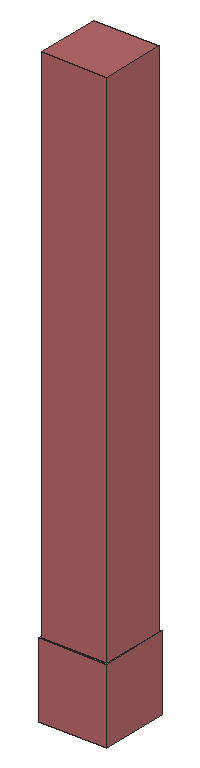
Revit family "Column 2", category 柱, Revit 2022
Family settings
  OmniClass 編號 = 23.25.30.11.14.11
  OmniClass 標題 = Columns
  載入時使用空心切割 = 否
  自動將幾何圖形接合到牆 = 是
  共用 = 否
  展示平面視圖中預先切割的族群 = 是
Parameters
  Half column width = Column width / 2  # 165 mm
  Column width = Base width - 20 mm  # 330 mm
  Half base width = Base width / 2  # 175 mm
  Base width = 350 mm
  Base height = 380 mm
Reference planes
  plane 1 "中心 (前/後)": y = 0
  plane 2: z = 0
  plane 3 "中心 (左/右)": x = -18.5
  plane 4 "左": x = -193.5
  plane 5 "右": x = 156.5
  plane 6: z = 3048
  plane 7: y = -175
  plane 8: y = 175
  plane 9: x = -183.5
  plane 10: x = 146.5
  plane 11: y = -165
  plane 12: y = 165
  plane 13: z = 380
  plane 14: z = 0
Forms (mm)
  Extrusion 1, solid, material "油漆"
    sketch origin (0, 0, 0) x (1, 0, 0) y (0, 1, 0)
      loop
        line (-193.5, 175) -> (-193.5, -175) -> (156.5, -175) -> (156.5, 175) -> (-193.5, 175)
    from 0 to 380 <- "Base height"
  Extrusion 2, solid, material "油漆"
    sketch origin (0, 0, 0) x (1, 0, 0) y (0, 1, 0)
      loop
        line (-183.5, 165) -> (-183.5, -165) -> (146.5, -165) -> (146.5, 165) -> (-183.5, 165)
    from 380 <- "Base height" to 3048
Dimensions and locks
  "Base height": plane 13 to plane 14
  "Half base width": plane 4 "左" to plane 3 "中心 (左/右)" to plane 5 "右"
  "Half base width": plane 8 to plane 1 "中心 (前/後)" to plane 7
  "Half column width": plane 9 to plane 3 "中心 (左/右)" to plane 10
  "Half column width": plane 11 to plane 1 "中心 (前/後)" to plane 12
  aligned and locked: level to plane 2
  aligned and locked: Extrusion 2 sketch curve to plane 10
  aligned and locked: Extrusion 2 sketch curve to plane 12
  aligned and locked: Extrusion 2 sketch curve to plane 9
  aligned and locked: Extrusion 2 sketch curve to plane 11
  aligned and locked: Extrusion 1 sketch curve to plane 8
  aligned and locked: plane 5 "右" to Extrusion 1 sketch curve
  aligned and locked: plane 7 to Extrusion 1 sketch curve
  aligned and locked: Extrusion 1 sketch curve to plane 4 "左"
  aligned and locked: Extrusion 2 to Extrusion 1
  aligned and locked: plane 13 to Extrusion 1
  aligned and locked: Extrusion 1 to Extrusion 2
